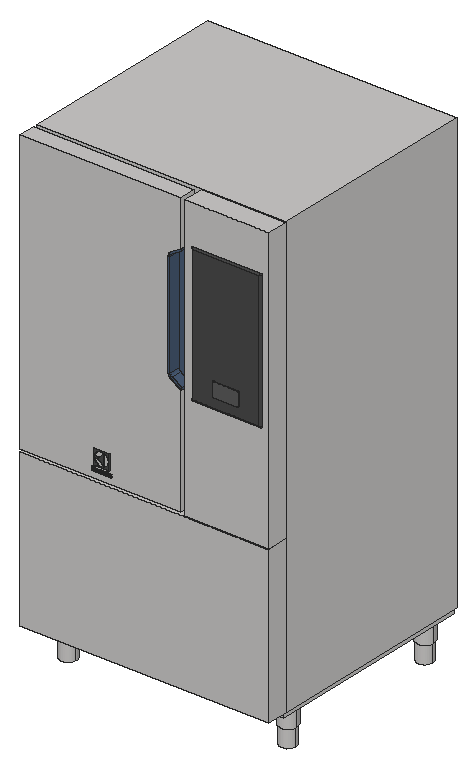
Revit family "QF_ELECTROLUXPROFESSIONAL_727737_EBFA11RE", category Specialty Equipment, Revit 2018 (continued)
Lines and regions (mm)
  Split face 220
    outline origin (-5.81, -295.149, -232.119) x (-1, 0, 0) y (0, 0, -1)
      loop
        line (490.638, -548.639) -> (600.654, -548.639) -> (600.654, -543.665) -> (490.638, -543.665) -> (490.638, -548.639)
  Split face 221
    outline origin (-5.81, -295.149, -222.619) x (-1, 0, 0) y (0, 0, -1)
      loop
        line (490.638, -548.639) -> (600.654, -548.639) -> (600.654, -543.665) -> (490.638, -543.665) -> (490.638, -548.639)
  Split face 222
    outline origin (-5.81, -295.149, -213.119) x (-1, 0, 0) y (0, 0, -1)
      loop
        line (490.638, -548.639) -> (600.654, -548.639) -> (600.654, -543.665) -> (490.638, -543.665) -> (490.638, -548.639)
  Split face 223
    outline origin (-5.81, -295.149, -203.619) x (-1, 0, 0) y (0, 0, -1)
      loop
        line (490.638, -548.639) -> (600.654, -548.639) -> (600.654, -543.665) -> (490.638, -543.665) -> (490.638, -548.639)
  Split face 224
    outline origin (-5.81, -295.149, -194.118) x (-1, 0, 0) y (0, 0, -1)
      loop
        line (490.638, -548.639) -> (600.654, -548.639) -> (600.654, -543.665) -> (490.638, -543.665) -> (490.638, -548.639)
  Split face 225
    outline origin (-5.81, -295.149, -184.618) x (-1, 0, 0) y (0, 0, -1)
      loop
        line (490.638, -548.639) -> (600.654, -548.639) -> (600.654, -543.665) -> (490.638, -543.665) -> (490.638, -548.639)
  Split face 226
    outline origin (-5.81, -295.149, -175.118) x (-1, 0, 0) y (0, 0, -1)
      loop
        line (490.638, -548.639) -> (600.654, -548.639) -> (600.654, -543.665) -> (490.638, -543.665) -> (490.638, -548.639)
  Split face 227
    outline origin (-5.81, -295.149, -165.618) x (-1, 0, 0) y (0, 0, -1)
      loop
        line (490.638, -548.639) -> (600.654, -548.639) -> (600.654, -543.665) -> (490.638, -543.665) -> (490.638, -548.639)
  Split face 228
    outline origin (-5.81, -295.149, -156.118) x (-1, 0, 0) y (0, 0, -1)
      loop
        line (490.638, -548.639) -> (600.654, -548.639) -> (600.654, -543.665) -> (490.638, -543.665) -> (490.638, -548.639)
  Split face 229
    outline origin (-5.81, -295.149, -146.618) x (-1, 0, 0) y (0, 0, -1)
      loop
        line (490.638, -548.639) -> (600.654, -548.639) -> (600.654, -543.665) -> (490.638, -543.665) -> (490.638, -548.639)
  Split face 230
    outline origin (-5.81, -295.149, -137.118) x (-1, 0, 0) y (0, 0, -1)
      loop
        line (490.638, -548.639) -> (600.654, -548.639) -> (600.654, -543.665) -> (490.638, -543.665) -> (490.638, -548.639)
  Split face 231
    outline origin (-5.81, -295.149, -127.618) x (-1, 0, 0) y (0, 0, -1)
      loop
        line (490.638, -548.639) -> (600.654, -548.639) -> (600.654, -543.665) -> (490.638, -543.665) -> (490.638, -548.639)
  Split face 232
    outline origin (-5.81, -295.149, -118.118) x (-1, 0, 0) y (0, 0, -1)
      loop
        line (490.638, -548.639) -> (600.654, -548.639) -> (600.654, -543.665) -> (490.638, -543.665) -> (490.638, -548.639)
  Split face 233
    outline origin (-5.81, -295.149, -108.618) x (-1, 0, 0) y (0, 0, -1)
      loop
        line (490.638, -548.639) -> (600.654, -548.639) -> (600.654, -543.665) -> (490.638, -543.665) -> (490.638, -548.639)
  Split face 234
    outline origin (-5.81, -295.149, -99.118) x (-1, 0, 0) y (0, 0, -1)
      loop
        line (490.638, -548.639) -> (600.654, -548.639) -> (600.654, -543.665) -> (490.638, -543.665) -> (490.638, -548.639)
  Split face 235
    outline origin (-5.81, -295.149, -89.618) x (-1, 0, 0) y (0, 0, -1)
      loop
        line (490.638, -548.639) -> (600.654, -548.639) -> (600.654, -543.665) -> (490.638, -543.665) -> (490.638, -548.639)
  Split face 236
    outline origin (-5.81, -295.149, -80.117) x (-1, 0, 0) y (0, 0, -1)
      loop
        line (490.638, -548.639) -> (600.654, -548.639) -> (600.654, -543.665) -> (490.638, -543.665) -> (490.638, -548.639)
  Split face 237
    outline origin (-5.81, -295.149, -70.617) x (-1, 0, 0) y (0, 0, -1)
      loop
        line (490.638, -548.639) -> (600.654, -548.639) -> (600.654, -543.665) -> (490.638, -543.665) -> (490.638, -548.639)
  Split face 238
    outline origin (-5.81, -295.149, -61.117) x (-1, 0, 0) y (0, 0, -1)
      loop
        line (490.638, -548.639) -> (600.654, -548.639) -> (600.654, -543.665) -> (490.638, -543.665) -> (490.638, -548.639)
  Split face 239
    outline origin (-5.81, -295.149, -51.617) x (-1, 0, 0) y (0, 0, -1)
      loop
        line (490.638, -548.639) -> (600.654, -548.639) -> (600.654, -543.665) -> (490.638, -543.665) -> (490.638, -548.639)
  Split face 240
    outline origin (-5.81, -295.149, -42.117) x (-1, 0, 0) y (0, 0, -1)
      loop
        line (490.638, -548.639) -> (600.654, -548.639) -> (600.654, -543.665) -> (490.638, -543.665) -> (490.638, -548.639)
  Split face 241
    outline origin (-5.81, -295.149, -32.617) x (-1, 0, 0) y (0, 0, -1)
      loop
        line (490.638, -548.639) -> (600.654, -548.639) -> (600.654, -543.665) -> (490.638, -543.665) -> (490.638, -548.639)
  Split face 242
    outline origin (-5.81, -295.149, -23.117) x (-1, 0, 0) y (0, 0, -1)
      loop
        line (490.638, -548.639) -> (600.654, -548.639) -> (600.654, -543.665) -> (490.638, -543.665) -> (490.638, -548.639)
  Split face 243
    outline origin (-5.81, -295.149, -13.617) x (-1, 0, 0) y (0, 0, -1)
      loop
        line (490.638, -548.639) -> (600.654, -548.639) -> (600.654, -543.665) -> (490.638, -543.665) -> (490.638, -548.639)
  Split face 244
    outline origin (-5.81, -295.149, -4.117) x (-1, 0, 0) y (0, 0, -1)
      loop
        line (490.638, -548.639) -> (600.654, -548.639) -> (600.654, -543.665) -> (490.638, -543.665) -> (490.638, -548.639)
  Split face 245
    outline origin (-5.81, -295.149, 5.383) x (-1, 0, 0) y (0, 0, -1)
      loop
        line (490.638, -548.639) -> (600.654, -548.639) -> (600.654, -543.665) -> (490.638, -543.665) -> (490.638, -548.639)
  Split face 246
    outline origin (-5.81, -295.149, 14.883) x (-1, 0, 0) y (0, 0, -1)
      loop
        line (490.638, -548.639) -> (600.654, -548.639) -> (600.654, -543.665) -> (490.638, -543.665) -> (490.638, -548.639)
  Split face 247
    outline origin (-125.802, -295.149, -365.12) x (-1, 0, 0) y (0, 0, -1)
      loop
        line (490.638, -548.639) -> (600.654, -548.639) -> (600.654, -543.665) -> (490.638, -543.665) -> (490.638, -548.639)
  Split face 248
    outline origin (-125.802, -295.149, -355.62) x (-1, 0, 0) y (0, 0, -1)
      loop
        line (490.638, -548.639) -> (600.654, -548.639) -> (600.654, -543.665) -> (490.638, -543.665) -> (490.638, -548.639)
  Split face 249
    outline origin (-125.802, -295.149, -346.12) x (-1, 0, 0) y (0, 0, -1)
      loop
        line (490.638, -548.639) -> (600.654, -548.639) -> (600.654, -543.665) -> (490.638, -543.665) -> (490.638, -548.639)
  Split face 250
    outline origin (-125.802, -295.149, -336.62) x (-1, 0, 0) y (0, 0, -1)
      loop
        line (490.638, -548.639) -> (600.654, -548.639) -> (600.654, -543.665) -> (490.638, -543.665) -> (490.638, -548.639)
  Split face 251
    outline origin (-125.802, -295.149, -327.12) x (-1, 0, 0) y (0, 0, -1)
      loop
        line (490.638, -548.639) -> (600.654, -548.639) -> (600.654, -543.665) -> (490.638, -543.665) -> (490.638, -548.639)
  Split face 252
    outline origin (-125.802, -295.149, -317.619) x (-1, 0, 0) y (0, 0, -1)
      loop
        line (490.638, -548.639) -> (600.654, -548.639) -> (600.654, -543.665) -> (490.638, -543.665) -> (490.638, -548.639)
  Split face 253
    outline origin (-125.802, -295.149, -308.119) x (-1, 0, 0) y (0, 0, -1)
      loop
        line (490.638, -548.639) -> (600.654, -548.639) -> (600.654, -543.665) -> (490.638, -543.665) -> (490.638, -548.639)
  Split face 254
    outline origin (-125.802, -295.149, -298.619) x (-1, 0, 0) y (0, 0, -1)
      loop
        line (490.638, -548.639) -> (600.654, -548.639) -> (600.654, -543.665) -> (490.638, -543.665) -> (490.638, -548.639)
  Split face 255
    outline origin (-125.802, -295.149, -289.119) x (-1, 0, 0) y (0, 0, -1)
      loop
        line (490.638, -548.639) -> (600.654, -548.639) -> (600.654, -543.665) -> (490.638, -543.665) -> (490.638, -548.639)
  Split face 256
    outline origin (-125.802, -295.149, -279.619) x (-1, 0, 0) y (0, 0, -1)
      loop
        line (490.638, -548.639) -> (600.654, -548.639) -> (600.654, -543.665) -> (490.638, -543.665) -> (490.638, -548.639)
  Split face 257
    outline origin (-125.802, -295.149, -270.119) x (-1, 0, 0) y (0, 0, -1)
      loop
        line (490.638, -548.639) -> (600.654, -548.639) -> (600.654, -543.665) -> (490.638, -543.665) -> (490.638, -548.639)
  Split face 258
    outline origin (-125.802, -295.149, -260.619) x (-1, 0, 0) y (0, 0, -1)
      loop
        line (490.638, -548.639) -> (600.654, -548.639) -> (600.654, -543.665) -> (490.638, -543.665) -> (490.638, -548.639)
  Split face 259
    outline origin (-125.802, -295.149, -251.119) x (-1, 0, 0) y (0, 0, -1)
      loop
        line (490.638, -548.639) -> (600.654, -548.639) -> (600.654, -543.665) -> (490.638, -543.665) -> (490.638, -548.639)
  Split face 260
    outline origin (-125.802, -295.149, -241.619) x (-1, 0, 0) y (0, 0, -1)
      loop
        line (490.638, -548.639) -> (600.654, -548.639) -> (600.654, -543.665) -> (490.638, -543.665) -> (490.638, -548.639)
  Split face 261
    outline origin (-125.802, -295.149, -232.119) x (-1, 0, 0) y (0, 0, -1)
      loop
        line (490.638, -548.639) -> (600.654, -548.639) -> (600.654, -543.665) -> (490.638, -543.665) -> (490.638, -548.639)
  Split face 262
    outline origin (-125.802, -295.149, -222.619) x (-1, 0, 0) y (0, 0, -1)
      loop
        line (490.638, -548.639) -> (600.654, -548.639) -> (600.654, -543.665) -> (490.638, -543.665) -> (490.638, -548.639)
  Split face 263
    outline origin (-125.802, -295.149, -213.119) x (-1, 0, 0) y (0, 0, -1)
      loop
        line (490.638, -548.639) -> (600.654, -548.639) -> (600.654, -543.665) -> (490.638, -543.665) -> (490.638, -548.639)
  Split face 264
    outline origin (-125.802, -295.149, -203.619) x (-1, 0, 0) y (0, 0, -1)
      loop
        line (490.638, -548.639) -> (600.654, -548.639) -> (600.654, -543.665) -> (490.638, -543.665) -> (490.638, -548.639)
  Split face 265
    outline origin (-125.802, -295.149, -194.118) x (-1, 0, 0) y (0, 0, -1)
      loop
        line (490.638, -548.639) -> (600.654, -548.639) -> (600.654, -543.665) -> (490.638, -543.665) -> (490.638, -548.639)
  Split face 266
    outline origin (-125.802, -295.149, -184.618) x (-1, 0, 0) y (0, 0, -1)
      loop
        line (490.638, -548.639) -> (600.654, -548.639) -> (600.654, -543.665) -> (490.638, -543.665) -> (490.638, -548.639)
  Split face 267
    outline origin (-125.802, -295.149, -175.118) x (-1, 0, 0) y (0, 0, -1)
      loop
        line (490.638, -548.639) -> (600.654, -548.639) -> (600.654, -543.665) -> (490.638, -543.665) -> (490.638, -548.639)
  Split face 268
    outline origin (-125.802, -295.149, -165.618) x (-1, 0, 0) y (0, 0, -1)
      loop
        line (490.638, -548.639) -> (600.654, -548.639) -> (600.654, -543.665) -> (490.638, -543.665) -> (490.638, -548.639)
  Split face 269
    outline origin (-125.802, -295.149, -156.118) x (-1, 0, 0) y (0, 0, -1)
      loop
        line (490.638, -548.639) -> (600.654, -548.639) -> (600.654, -543.665) -> (490.638, -543.665) -> (490.638, -548.639)
  Split face 270
    outline origin (-125.802, -295.149, -146.618) x (-1, 0, 0) y (0, 0, -1)
      loop
        line (490.638, -548.639) -> (600.654, -548.639) -> (600.654, -543.665) -> (490.638, -543.665) -> (490.638, -548.639)
  Split face 271
    outline origin (-125.802, -295.149, -137.118) x (-1, 0, 0) y (0, 0, -1)
      loop
        line (490.638, -548.639) -> (600.654, -548.639) -> (600.654, -543.665) -> (490.638, -543.665) -> (490.638, -548.639)
  Split face 272
    outline origin (-125.802, -295.149, -127.618) x (-1, 0, 0) y (0, 0, -1)
      loop
        line (490.638, -548.639) -> (600.654, -548.639) -> (600.654, -543.665) -> (490.638, -543.665) -> (490.638, -548.639)
  Split face 273
    outline origin (-125.802, -295.149, -118.118) x (-1, 0, 0) y (0, 0, -1)
      loop
        line (490.638, -548.639) -> (600.654, -548.639) -> (600.654, -543.665) -> (490.638, -543.665) -> (490.638, -548.639)
  Split face 274
    outline origin (-125.802, -295.149, -108.618) x (-1, 0, 0) y (0, 0, -1)
      loop
        line (490.638, -548.639) -> (600.654, -548.639) -> (600.654, -543.665) -> (490.638, -543.665) -> (490.638, -548.639)
  Split face 275
    outline origin (-125.802, -295.149, -99.118) x (-1, 0, 0) y (0, 0, -1)
      loop
        line (490.638, -548.639) -> (600.654, -548.639) -> (600.654, -543.665) -> (490.638, -543.665) -> (490.638, -548.639)
  Split face 276
    outline origin (-125.802, -295.149, -89.618) x (-1, 0, 0) y (0, 0, -1)
      loop
        line (490.638, -548.639) -> (600.654, -548.639) -> (600.654, -543.665) -> (490.638, -543.665) -> (490.638, -548.639)
  Split face 277
    outline origin (-125.802, -295.149, -80.117) x (-1, 0, 0) y (0, 0, -1)
      loop
        line (490.638, -548.639) -> (600.654, -548.639) -> (600.654, -543.665) -> (490.638, -543.665) -> (490.638, -548.639)
  Split face 278
    outline origin (-125.802, -295.149, -70.617) x (-1, 0, 0) y (0, 0, -1)
      loop
        line (490.638, -548.639) -> (600.654, -548.639) -> (600.654, -543.665) -> (490.638, -543.665) -> (490.638, -548.639)
  Split face 279
    outline origin (-125.802, -295.149, -61.117) x (-1, 0, 0) y (0, 0, -1)
      loop
        line (490.638, -548.639) -> (600.654, -548.639) -> (600.654, -543.665) -> (490.638, -543.665) -> (490.638, -548.639)
  Split face 280
    outline origin (-125.802, -295.149, -51.617) x (-1, 0, 0) y (0, 0, -1)
      loop
        line (490.638, -548.639) -> (600.654, -548.639) -> (600.654, -543.665) -> (490.638, -543.665) -> (490.638, -548.639)
  Split face 281
    outline origin (-125.802, -295.149, -42.117) x (-1, 0, 0) y (0, 0, -1)
      loop
        line (490.638, -548.639) -> (600.654, -548.639) -> (600.654, -543.665) -> (490.638, -543.665) -> (490.638, -548.639)
  Split face 282
    outline origin (-125.802, -295.149, -32.617) x (-1, 0, 0) y (0, 0, -1)
      loop
        line (490.638, -548.639) -> (600.654, -548.639) -> (600.654, -543.665) -> (490.638, -543.665) -> (490.638, -548.639)
  Split face 283
    outline origin (-125.802, -295.149, -23.117) x (-1, 0, 0) y (0, 0, -1)
      loop
        line (490.638, -548.639) -> (600.654, -548.639) -> (600.654, -543.665) -> (490.638, -543.665) -> (490.638, -548.639)
  Split face 284
    outline origin (-125.802, -295.149, -13.617) x (-1, 0, 0) y (0, 0, -1)
      loop
        line (490.638, -548.639) -> (600.654, -548.639) -> (600.654, -543.665) -> (490.638, -543.665) -> (490.638, -548.639)
  Split face 285
    outline origin (-125.802, -295.149, -4.117) x (-1, 0, 0) y (0, 0, -1)
      loop
        line (490.638, -548.639) -> (600.654, -548.639) -> (600.654, -543.665) -> (490.638, -543.665) -> (490.638, -548.639)
  Split face 286
    outline origin (-125.802, -295.149, 5.383) x (-1, 0, 0) y (0, 0, -1)
      loop
        line (490.638, -548.639) -> (600.654, -548.639) -> (600.654, -543.665) -> (490.638, -543.665) -> (490.638, -548.639)
  Split face 287
    outline origin (-125.802, -295.149, 14.883) x (-1, 0, 0) y (0, 0, -1)
      loop
        line (490.638, -548.639) -> (600.654, -548.639) -> (600.654, -543.665) -> (490.638, -543.665) -> (490.638, -548.639)
  symbolic lines
    curve 1: line (-759, 547.851, 1731) -> (136, 547.851, 1731)
    curve 2: line (-759, -219.149, 1731) -> (-759, 547.851, 1731)
    curve 3: line (136, -295.149, 1731) -> (-166, -295.149, 1731)
    curve 4: line (136, 547.851, 1731) -> (136, -295.149, 1731)
    curve 5: line (-139.183, 547.851, 1731) -> (-131.09, 639.851, 1731)
    curve 6: line (-131.09, 639.851, 1731) -> (33.141, 639.851, 1731)
    curve 7: line (33.141, 639.851, 1731) -> (41.234, 547.851, 1731)
    curve 8: line (56.5, 576.851, 1731) -> (77.5, 576.851, 1731)
    curve 9: line (77.5, 576.851, 1731) -> (77.5, 547.851, 1731)
    curve 10: line (56.5, 576.851, 1731) -> (56.5, 547.851, 1731)
    curve 11: line (104, -300.149, 1731) -> (-134, -300.149, 1731)
    curve 12: line (-134, -300.149, 1731) -> (-142, -295.149, 1731)
    curve 13: line (104, -300.149, 1731) -> (112, -295.149, 1731)
    curve 18: line (-166, -295.149, 0) -> (-166, -219.149, 0)
    curve 19: line (-166, -219.149, 0) -> (-759, -219.149, 0)
    curve 20: line (-759, -235.149, 0) -> (-180.8, -235.149, 0)
    curve 21: line (-759, -295.149, 0) -> (-759, -235.149, 0)
    curve 22: line (-180.8, -295.149, 0) -> (-759, -295.149, 0)
    curve 23: line (-180.8, -235.149, 0) -> (-180.8, -295.149, 0)
    curve 24: line (-225.54, -296.149, 0) -> (-178.3, -296.149, 0)
    curve 25: line (-178.3, -296.149, 0) -> (-178.3, -256.149, 0)
    curve 26: line (-178.3, -256.149, 0) -> (-180.8, -256.149, 0)
    curve 27: line (-225.54, -296.149, 0) -> (-225.54, -295.149, 0)
  symbolic lines, style "QF_Door-Drawer Clearances", visible <- "Show Clearance"
    curve 14: arc (-180.8, -295.149, 1731) -> (-338.805, -665.108, 1731) -> (-705, -831.649, 1731) r 556
    curve 15: line (-765, -831.649, 1731) -> (-765, -295.149, 1731)
    curve 16: line (-705, -831.649, 1731) -> (-765, -831.649, 1731)
    curve 17: line (-705, -831.649, 1731) -> (-705, -295.149, 1731)
Dimensions and locks
  equal spacing: plane 4 "LEFT", plane 3 "Center Y", plane 6 "RIGHT"
  plane 4 "LEFT" to plane 6 "RIGHT" = 895 mm
  plane 5 "BACK" to plane 7 "FRONT" = 843 mm
  equal spacing: plane 5 "BACK", plane 1 "Center X", plane 7 "FRONT"
  cut or joined group of Extrusion 1, Extrusion 2, Extrusion 3, Extrusion 5, Extrusion 6, Extrusion 7, Extrusion 13 to Extrusion 3 sketch curve = 826 mm
  level to Extrusion 3 sketch curve = 593 mm
  plane 5 "BACK" to Extrusion 6 sketch curve = 398 mm
  plane 4 "LEFT" to Extrusion 6 sketch curve = 400 mm
  Extrusion 3 sketch curve to plane 4 "LEFT" = 826 mm
  plane 6 "RIGHT" to Extrusion 18 sketch curve = 210 mm
  Extrusion 18 sketch curve to level = 223 mm
  plane 6 "RIGHT" to Extrusion 17 sketch curve = 152 mm
  Extrusion 17 sketch curve to level = 217 mm
  aligned and locked: level to plane 2
  aligned and locked: plane 12 to nested 3
  aligned and locked: plane 12 to nested 2
  aligned and locked: plane 10 to nested 1
  aligned and locked: plane 10 to nested 4
  aligned and locked: nested 4 to plane 11
  aligned and locked: nested 3 to plane 11
  aligned and locked: nested 1 to plane 13
  aligned and locked: nested 2 to plane 13
  aligned and locked: Extrusion 12 to Extrusion 11
  aligned and locked: Extrusion 16 to Extrusion 15
Automatic sketch dimensions
  Extrusion 1 sketch curve to plane 5 "BACK" = 0 mm
  Extrusion 1 sketch curve to plane 6 "RIGHT" = 0 mm
  Extrusion 1 sketch curve to plane 4 "LEFT" = 0 mm
  Extrusion 1 sketch curve to plane 13 = 75 mm
  Extrusion 2 sketch curve to plane 5 "BACK" = 0 mm
  Extrusion 2 sketch curve to plane 14 = 0 mm  (x5)
  Extrusion 2 sketch curve to plane 14 = 10 mm
  Extrusion 2 sketch curve to plane 14 = 8 mm
  Extrusion 2 sketch curve to plane 14 = 7.305 mm
  Extrusion 2 sketch curve to plane 14 = 4.997 mm
  plane 14 to Extrusion 2 sketch curve = 8.773 mm  (x4)
  plane 8 to Extrusion 2 sketch curve = 521.023 mm
  Extrusion 2 sketch curve to Extrusion 2 sketch curve = 7.476 mm
  Extrusion 2 sketch curve to Extrusion 2 sketch curve = 25.474 mm
  Extrusion 2 sketch curve to Extrusion 2 sketch curve = 9.313 mm  (x4)
  Extrusion 2 sketch curve to Extrusion 2 sketch curve = 31.38 mm  (x3)
  Extrusion 2 sketch curve to Extrusion 2 sketch curve = 32.916 mm
  Extrusion 2 sketch curve to Extrusion 2 sketch curve = 50.851 mm
  Extrusion 4 sketch curve to plane 6 "RIGHT" = 0 mm
  Extrusion 4 sketch curve to plane 4 "LEFT" = 0 mm
  Extrusion 4 sketch curve to plane 7 "FRONT" = 0 mm
  plane 7 "FRONT" to Extrusion 4 sketch curve = 75 mm
  Extrusion 5 sketch curve to plane 5 "BACK" = 0 mm
  Extrusion 5 sketch curve to plane 6 "RIGHT" = 9 mm
  plane 4 "LEFT" to Extrusion 5 sketch curve = 9 mm
  Extrusion 5 sketch curve to plane 13 = 73 mm
  Split face 1 sketch curve to Extrusion 4 = 32.492 mm
  Split face 1 sketch curve to Extrusion 4 = 28.525 mm
  Split face 1 sketch curve to Split face 1 sketch curve = 110.016 mm
  Split face 1 sketch curve to Split face 1 sketch curve = 4.974 mm
  Extrusion 7 sketch curve to plane 5 "BACK" = 0 mm  (x2)
  Extrusion 7 sketch curve to plane 14 = 0 mm  (x2)
  Extrusion 7 sketch curve to plane 12 = 41.135 mm
  Extrusion 7 sketch curve to Extrusion 7 sketch curve = 1.631 mm  (x2)
  Extrusion 7 sketch curve to Extrusion 7 sketch curve = 9.723 mm
  Extrusion 7 sketch curve to Extrusion 7 sketch curve = 164.232 mm
  Extrusion 7 sketch curve to Extrusion 7 sketch curve = 8.092 mm
  Extrusion 8 sketch curve to plane 4 "LEFT" = 0 mm
  Extrusion 8 sketch curve to plane 9 "TOP" = 0 mm
  plane 3 "Center Y" to Extrusion 8 sketch curve = 85.96 mm
  Extrusion 8 sketch curve to Extrusion 8 sketch curve = 8.487 mm
  Extrusion 8 sketch curve to Extrusion 8 sketch curve = 8.95 mm
  Extrusion 8 sketch curve to Extrusion 8 sketch curve = 10.513 mm
  Extrusion 8 sketch curve to Extrusion 8 sketch curve = 11.05 mm
  Extrusion 8 sketch curve to Extrusion 8 sketch curve = 35.79 mm
  Extrusion 8 sketch curve to Extrusion 8 sketch curve = 36.253 mm
  Extrusion 8 sketch curve to Extrusion 8 sketch curve = 162.03 mm
  Extrusion 8 sketch curve to Extrusion 8 sketch curve = 24.082 mm
  Extrusion 8 sketch curve to Extrusion 8 sketch curve = 374.913 mm
  Extrusion 8 sketch curve to Extrusion 8 sketch curve = 23.723 mm
  plane 8 to Extrusion 8 sketch curve = 589.524 mm
  Extrusion 9 sketch curve to plane 7 "FRONT" = 0 mm
  Extrusion 9 sketch curve to plane 6 "RIGHT" = 0 mm
  plane 3 "Center Y" to Extrusion 9 sketch curve = 145.5 mm
  plane 7 "FRONT" to Extrusion 9 sketch curve = 75 mm
  plane 3 "Center Y" to Extrusion 11 sketch curve = 85.96 mm
  Extrusion 11 sketch curve to Extrusion 11 sketch curve = 8.487 mm
  Extrusion 11 sketch curve to Extrusion 11 sketch curve = 8.95 mm
  Extrusion 11 sketch curve to Extrusion 11 sketch curve = 19 mm
  Extrusion 11 sketch curve to Extrusion 11 sketch curve = 11.05 mm
  Extrusion 11 sketch curve to plane 9 "TOP" = 186.112 mm
  Extrusion 11 sketch curve to Extrusion 11 sketch curve = 374.913 mm
  Extrusion 11 sketch curve to Extrusion 11 sketch curve = 36.253 mm
  Extrusion 11 sketch curve to Extrusion 11 sketch curve = 35.79 mm
  Extrusion 11 sketch curve to Extrusion 11 sketch curve = 0 mm  (x3)
  Extrusion 11 sketch curve to Extrusion 11 sketch curve = 24.082 mm
  Extrusion 11 sketch curve to Extrusion 11 sketch curve = 23.723 mm
  Extrusion 12 sketch curve to Extrusion 12 sketch curve = 0 mm  (x4)
  plane 3 "Center Y" to Extrusion 12 sketch curve = 133.2 mm  (x2)
  Extrusion 12 sketch curve to Extrusion 12 sketch curve = 2.5 mm  (x2)
  Extrusion 12 sketch curve to Extrusion 12 sketch curve = 27.24 mm
  Extrusion 12 sketch curve to Extrusion 12 sketch curve = 28.24 mm
  Extrusion 12 sketch curve to Extrusion 12 sketch curve = 7.459 mm
  Extrusion 12 sketch curve to Extrusion 12 sketch curve = 6.917 mm
  Extrusion 12 sketch curve to Extrusion 12 sketch curve = 3.591 mm
  Extrusion 12 sketch curve to Extrusion 12 sketch curve = 3.597 mm
  Extrusion 12 sketch curve to Extrusion 12 sketch curve = 5.583 mm
  Extrusion 12 sketch curve to Extrusion 12 sketch curve = 6.5 mm
  Extrusion 12 sketch curve to plane 9 "TOP" = 162.03 mm
  Extrusion 12 sketch curve to Extrusion 12 sketch curve = 6.143 mm
  Extrusion 12 sketch curve to Extrusion 12 sketch curve = 17.939 mm
  Extrusion 12 sketch curve to Extrusion 12 sketch curve = 374.913 mm
  Extrusion 12 sketch curve to Extrusion 12 sketch curve = 23 mm
  Extrusion 12 sketch curve to Extrusion 12 sketch curve = 6.141 mm
  plane 10 to Extrusion 13 sketch curve = 9 mm
  plane 3 "Center Y" to Extrusion 13 sketch curve = 80.7 mm
  Extrusion 13 sketch curve to plane 9 "TOP" = 60 mm
  plane 8 to Extrusion 13 sketch curve = 639 mm
  Split face 2 sketch curve to Extrusion 4 = 32.492 mm
  Split face 2 sketch curve to Extrusion 4 = 38.025 mm
  Split face 2 sketch curve to Split face 2 sketch curve = 110.016 mm
  Split face 2 sketch curve to Split face 2 sketch curve = 4.974 mm
  Split face 3 sketch curve to Extrusion 4 = 32.492 mm
  Split face 3 sketch curve to Extrusion 4 = 47.525 mm
  Split face 3 sketch curve to Split face 3 sketch curve = 110.016 mm
  Split face 3 sketch curve to Split face 3 sketch curve = 4.974 mm
  Split face 4 sketch curve to Extrusion 4 = 32.492 mm
  Split face 4 sketch curve to Split face 4 sketch curve = 110.016 mm
  Split face 4 sketch curve to Extrusion 4 = 61.999 mm
  Split face 4 sketch curve to Split face 4 sketch curve = 4.974 mm
  Split face 5 sketch curve to Extrusion 4 = 32.492 mm
  Split face 5 sketch curve to Split face 5 sketch curve = 110.016 mm
  Split face 5 sketch curve to Extrusion 4 = 71.499 mm
  Split face 5 sketch curve to Split face 5 sketch curve = 4.974 mm
  Split face 6 sketch curve to Extrusion 4 = 32.492 mm
  Split face 6 sketch curve to Split face 6 sketch curve = 110.016 mm
  Split face 6 sketch curve to Extrusion 4 = 80.999 mm
  Split face 6 sketch curve to Split face 6 sketch curve = 4.974 mm
  Split face 7 sketch curve to Extrusion 4 = 32.492 mm
  Split face 7 sketch curve to Split face 7 sketch curve = 110.016 mm
  Split face 7 sketch curve to Extrusion 4 = 90.499 mm
  Split face 7 sketch curve to Split face 7 sketch curve = 4.974 mm
  Split face 8 sketch curve to Extrusion 4 = 32.492 mm
  Split face 8 sketch curve to Split face 8 sketch curve = 110.016 mm
  Split face 8 sketch curve to Extrusion 4 = 99.999 mm
  Split face 8 sketch curve to Split face 8 sketch curve = 4.974 mm
  Split face 9 sketch curve to Extrusion 4 = 32.492 mm
  Split face 9 sketch curve to Split face 9 sketch curve = 110.016 mm
  Split face 9 sketch curve to Extrusion 4 = 109.499 mm
  Split face 9 sketch curve to Split face 9 sketch curve = 4.974 mm
  Split face 10 sketch curve to Extrusion 4 = 32.492 mm
  Split face 10 sketch curve to Split face 10 sketch curve = 110.016 mm
  Split face 10 sketch curve to Extrusion 4 = 119 mm
  Split face 10 sketch curve to Split face 10 sketch curve = 4.974 mm
  Split face 11 sketch curve to Extrusion 4 = 32.492 mm
  Split face 11 sketch curve to Split face 11 sketch curve = 110.016 mm
  Split face 11 sketch curve to Extrusion 4 = 128.5 mm
  Split face 11 sketch curve to Split face 11 sketch curve = 4.974 mm
  Split face 12 sketch curve to Extrusion 4 = 32.492 mm
  Split face 12 sketch curve to Split face 12 sketch curve = 110.016 mm
  Split face 12 sketch curve to Extrusion 4 = 138 mm
  Split face 12 sketch curve to Split face 12 sketch curve = 4.974 mm
  Split face 13 sketch curve to Extrusion 4 = 32.492 mm
  Split face 13 sketch curve to Split face 13 sketch curve = 110.016 mm
  Split face 13 sketch curve to Extrusion 4 = 147.5 mm
  Split face 13 sketch curve to Split face 13 sketch curve = 4.974 mm
  Split face 14 sketch curve to Extrusion 4 = 32.492 mm
  Split face 14 sketch curve to Split face 14 sketch curve = 110.016 mm
  Split face 14 sketch curve to Extrusion 4 = 157 mm
  Split face 14 sketch curve to Split face 14 sketch curve = 4.974 mm
  Split face 15 sketch curve to Extrusion 4 = 32.492 mm
  Split face 15 sketch curve to Split face 15 sketch curve = 110.016 mm
  Split face 15 sketch curve to Extrusion 4 = 166.5 mm
  Split face 15 sketch curve to Split face 15 sketch curve = 4.974 mm
  Split face 16 sketch curve to Extrusion 4 = 32.492 mm
  Split face 16 sketch curve to Split face 16 sketch curve = 110.016 mm
  Split face 16 sketch curve to Extrusion 4 = 176 mm
  Split face 16 sketch curve to Split face 16 sketch curve = 4.974 mm
  Split face 17 sketch curve to Extrusion 4 = 32.492 mm
  Split face 17 sketch curve to Split face 17 sketch curve = 110.016 mm
  Split face 17 sketch curve to Extrusion 4 = 185.5 mm
  Split face 17 sketch curve to Split face 17 sketch curve = 4.974 mm
  Split face 18 sketch curve to Extrusion 4 = 32.492 mm
  Split face 18 sketch curve to Split face 18 sketch curve = 110.016 mm
  Split face 18 sketch curve to Extrusion 4 = 195 mm
  Split face 18 sketch curve to Split face 18 sketch curve = 4.974 mm
  Split face 19 sketch curve to Extrusion 4 = 32.492 mm
  Split face 19 sketch curve to Split face 19 sketch curve = 110.016 mm
  Split face 19 sketch curve to Extrusion 4 = 204.5 mm
  Split face 19 sketch curve to Split face 19 sketch curve = 4.974 mm
  Split face 20 sketch curve to Extrusion 4 = 32.492 mm
  Split face 20 sketch curve to Split face 20 sketch curve = 110.016 mm
  Split face 20 sketch curve to Extrusion 4 = 214 mm
  Split face 20 sketch curve to Split face 20 sketch curve = 4.974 mm
  Split face 21 sketch curve to Extrusion 4 = 32.492 mm
  Split face 21 sketch curve to Split face 21 sketch curve = 110.016 mm
  Split face 21 sketch curve to Extrusion 4 = 223.5 mm
  Split face 21 sketch curve to Split face 21 sketch curve = 4.974 mm
  Split face 22 sketch curve to Extrusion 4 = 32.492 mm
  Split face 22 sketch curve to Split face 22 sketch curve = 110.016 mm
  Split face 22 sketch curve to Extrusion 4 = 233.001 mm
  Split face 22 sketch curve to Split face 22 sketch curve = 4.974 mm
  Split face 23 sketch curve to Extrusion 4 = 32.492 mm
  Split face 23 sketch curve to Split face 23 sketch curve = 110.016 mm
  Split face 23 sketch curve to Extrusion 4 = 242.501 mm
  Split face 23 sketch curve to Split face 23 sketch curve = 4.974 mm
  Split face 24 sketch curve to Extrusion 4 = 32.492 mm
  Split face 24 sketch curve to Split face 24 sketch curve = 110.016 mm
  Split face 24 sketch curve to Extrusion 4 = 252.001 mm
  Split face 24 sketch curve to Split face 24 sketch curve = 4.974 mm
  Split face 25 sketch curve to Extrusion 4 = 32.492 mm
  Split face 25 sketch curve to Split face 25 sketch curve = 110.016 mm
  Split face 25 sketch curve to Extrusion 4 = 261.501 mm
  Split face 25 sketch curve to Split face 25 sketch curve = 4.974 mm
  Split face 26 sketch curve to Extrusion 4 = 32.492 mm
  Split face 26 sketch curve to Split face 26 sketch curve = 110.016 mm
  Split face 26 sketch curve to Extrusion 4 = 271.001 mm
  Split face 26 sketch curve to Split face 26 sketch curve = 4.974 mm
  Split face 27 sketch curve to Extrusion 4 = 32.492 mm
  Split face 27 sketch curve to Split face 27 sketch curve = 110.016 mm
  Split face 27 sketch curve to Extrusion 4 = 279.479 mm
  Split face 27 sketch curve to Split face 27 sketch curve = 4.974 mm
  Split face 28 sketch curve to Extrusion 4 = 32.492 mm
  Split face 28 sketch curve to Split face 28 sketch curve = 110.016 mm
  Split face 28 sketch curve to Extrusion 4 = 269.979 mm
  Split face 28 sketch curve to Split face 28 sketch curve = 4.974 mm
  Split face 29 sketch curve to Extrusion 4 = 32.492 mm
  Split face 29 sketch curve to Split face 29 sketch curve = 110.016 mm
  Split face 29 sketch curve to Extrusion 4 = 260.479 mm
  Split face 29 sketch curve to Split face 29 sketch curve = 4.974 mm
  Split face 30 sketch curve to Extrusion 4 = 32.492 mm
  Split face 30 sketch curve to Split face 30 sketch curve = 110.016 mm
  Split face 30 sketch curve to Extrusion 4 = 250.978 mm
  Split face 30 sketch curve to Split face 30 sketch curve = 4.974 mm
  Split face 31 sketch curve to Extrusion 4 = 32.492 mm
  Split face 31 sketch curve to Split face 31 sketch curve = 110.016 mm
  Split face 31 sketch curve to Extrusion 4 = 241.478 mm
  Split face 31 sketch curve to Split face 31 sketch curve = 4.974 mm
  Split face 32 sketch curve to Extrusion 4 = 32.492 mm
  Split face 32 sketch curve to Split face 32 sketch curve = 110.016 mm
  Split face 32 sketch curve to Extrusion 4 = 231.978 mm
  Split face 32 sketch curve to Split face 32 sketch curve = 4.974 mm
  Split face 33 sketch curve to Extrusion 4 = 32.492 mm
  Split face 33 sketch curve to Split face 33 sketch curve = 110.016 mm
  Split face 33 sketch curve to Extrusion 4 = 222.478 mm
  Split face 33 sketch curve to Split face 33 sketch curve = 4.974 mm
  Split face 34 sketch curve to Extrusion 4 = 32.492 mm
  Split face 34 sketch curve to Split face 34 sketch curve = 110.016 mm
  Split face 34 sketch curve to Extrusion 4 = 212.978 mm
  Split face 34 sketch curve to Split face 34 sketch curve = 4.974 mm
  Split face 35 sketch curve to Extrusion 4 = 32.492 mm
  Split face 35 sketch curve to Split face 35 sketch curve = 110.016 mm
  Split face 35 sketch curve to Extrusion 4 = 203.478 mm
  Split face 35 sketch curve to Split face 35 sketch curve = 4.974 mm
  Split face 36 sketch curve to Extrusion 4 = 32.492 mm
  Split face 36 sketch curve to Split face 36 sketch curve = 110.016 mm
  Split face 36 sketch curve to Extrusion 4 = 193.978 mm
  Split face 36 sketch curve to Split face 36 sketch curve = 4.974 mm
  Split face 37 sketch curve to Extrusion 4 = 32.492 mm
  Split face 37 sketch curve to Split face 37 sketch curve = 110.016 mm
  Split face 37 sketch curve to Extrusion 4 = 184.478 mm
  Split face 37 sketch curve to Split face 37 sketch curve = 4.974 mm
  Split face 38 sketch curve to Extrusion 4 = 32.492 mm
  Split face 38 sketch curve to Split face 38 sketch curve = 110.016 mm
  Split face 38 sketch curve to Extrusion 4 = 174.978 mm
  Split face 38 sketch curve to Split face 38 sketch curve = 4.974 mm
  Split face 39 sketch curve to Extrusion 4 = 32.492 mm
  Split face 39 sketch curve to Split face 39 sketch curve = 110.016 mm
  Split face 39 sketch curve to Extrusion 4 = 165.478 mm
  Split face 39 sketch curve to Split face 39 sketch curve = 4.974 mm
  Split face 40 sketch curve to Extrusion 4 = 32.492 mm
  Split face 40 sketch curve to Split face 40 sketch curve = 110.016 mm
  Split face 40 sketch curve to Extrusion 4 = 155.978 mm
  Split face 40 sketch curve to Split face 40 sketch curve = 4.974 mm
  Split face 41 sketch curve to Extrusion 4 = 32.492 mm
  Split face 41 sketch curve to Split face 41 sketch curve = 110.016 mm
  Split face 41 sketch curve to Extrusion 4 = 146.478 mm
  Split face 41 sketch curve to Split face 41 sketch curve = 4.974 mm
  Split face 42 sketch curve to Extrusion 4 = 33.499 mm
  Split face 42 sketch curve to Extrusion 4 = 152.483 mm
  Split face 42 sketch curve to Extrusion 4 = 28.525 mm
  Split face 42 sketch curve to Split face 42 sketch curve = 110.016 mm
  Split face 43 sketch curve to Extrusion 4 = 42.999 mm
  Split face 43 sketch curve to Extrusion 4 = 152.483 mm
  Split face 43 sketch curve to Extrusion 4 = 38.025 mm
  Split face 43 sketch curve to Split face 43 sketch curve = 110.016 mm
  Split face 44 sketch curve to Extrusion 4 = 52.499 mm
  Split face 44 sketch curve to Extrusion 4 = 152.483 mm
  Split face 44 sketch curve to Extrusion 4 = 47.525 mm
  Split face 44 sketch curve to Split face 44 sketch curve = 110.016 mm
  Split face 45 sketch curve to Extrusion 4 = 61.999 mm
  Split face 45 sketch curve to Extrusion 4 = 152.483 mm
  Split face 45 sketch curve to Split face 45 sketch curve = 110.016 mm
  Split face 45 sketch curve to Split face 45 sketch curve = 4.974 mm
  Split face 46 sketch curve to Extrusion 4 = 71.499 mm
  Split face 46 sketch curve to Extrusion 4 = 152.483 mm
  Split face 46 sketch curve to Split face 46 sketch curve = 110.016 mm
  Split face 46 sketch curve to Split face 46 sketch curve = 4.974 mm
  Split face 47 sketch curve to Extrusion 4 = 152.483 mm
  Split face 47 sketch curve to Split face 47 sketch curve = 110.016 mm
  Split face 47 sketch curve to Extrusion 4 = 80.999 mm
  Split face 47 sketch curve to Split face 47 sketch curve = 4.974 mm
  Split face 48 sketch curve to Extrusion 4 = 152.483 mm
  Split face 48 sketch curve to Split face 48 sketch curve = 110.016 mm
  Split face 48 sketch curve to Extrusion 4 = 90.499 mm
  Split face 48 sketch curve to Split face 48 sketch curve = 4.974 mm
  Split face 49 sketch curve to Extrusion 4 = 152.483 mm
  Split face 49 sketch curve to Split face 49 sketch curve = 110.016 mm
  Split face 49 sketch curve to Extrusion 4 = 99.999 mm
  Split face 49 sketch curve to Split face 49 sketch curve = 4.974 mm
  Split face 50 sketch curve to Extrusion 4 = 152.483 mm
  Split face 50 sketch curve to Split face 50 sketch curve = 110.016 mm
  Split face 50 sketch curve to Extrusion 4 = 109.499 mm
  Split face 50 sketch curve to Split face 50 sketch curve = 4.974 mm
  Split face 51 sketch curve to Extrusion 4 = 152.483 mm
  Split face 51 sketch curve to Split face 51 sketch curve = 110.016 mm
  Split face 51 sketch curve to Extrusion 4 = 119 mm
  Split face 51 sketch curve to Split face 51 sketch curve = 4.974 mm
  Split face 52 sketch curve to Extrusion 4 = 152.483 mm
  Split face 52 sketch curve to Split face 52 sketch curve = 110.016 mm
  Split face 52 sketch curve to Extrusion 4 = 128.5 mm
  Split face 52 sketch curve to Split face 52 sketch curve = 4.974 mm
  Split face 53 sketch curve to Extrusion 4 = 152.483 mm
  Split face 53 sketch curve to Split face 53 sketch curve = 110.016 mm
  Split face 53 sketch curve to Extrusion 4 = 138 mm
  Split face 53 sketch curve to Split face 53 sketch curve = 4.974 mm
  Split face 54 sketch curve to Extrusion 4 = 152.483 mm
  Split face 54 sketch curve to Split face 54 sketch curve = 110.016 mm
  Split face 54 sketch curve to Extrusion 4 = 147.5 mm
  Split face 54 sketch curve to Split face 54 sketch curve = 4.974 mm
  Split face 55 sketch curve to Extrusion 4 = 152.483 mm
  Split face 55 sketch curve to Split face 55 sketch curve = 110.016 mm
  Split face 55 sketch curve to Extrusion 4 = 157 mm
  Split face 55 sketch curve to Split face 55 sketch curve = 4.974 mm
  Split face 56 sketch curve to Extrusion 4 = 152.483 mm
  Split face 56 sketch curve to Split face 56 sketch curve = 110.016 mm
  Split face 56 sketch curve to Extrusion 4 = 166.5 mm
  Split face 56 sketch curve to Split face 56 sketch curve = 4.974 mm
  Split face 57 sketch curve to Extrusion 4 = 152.483 mm
  Split face 57 sketch curve to Split face 57 sketch curve = 110.016 mm
  Split face 57 sketch curve to Extrusion 4 = 176 mm
  Split face 57 sketch curve to Split face 57 sketch curve = 4.974 mm
  Split face 58 sketch curve to Extrusion 4 = 152.483 mm
  Split face 58 sketch curve to Split face 58 sketch curve = 110.016 mm
  Split face 58 sketch curve to Extrusion 4 = 185.5 mm
  Split face 58 sketch curve to Split face 58 sketch curve = 4.974 mm
  Split face 59 sketch curve to Extrusion 4 = 152.483 mm
  Split face 59 sketch curve to Split face 59 sketch curve = 110.016 mm
  Split face 59 sketch curve to Extrusion 4 = 195 mm
  Split face 59 sketch curve to Split face 59 sketch curve = 4.974 mm
  Split face 60 sketch curve to Extrusion 4 = 152.483 mm
  Split face 60 sketch curve to Split face 60 sketch curve = 110.016 mm
  Split face 60 sketch curve to Extrusion 4 = 204.5 mm
  Split face 60 sketch curve to Split face 60 sketch curve = 4.974 mm
  Split face 61 sketch curve to Extrusion 4 = 152.483 mm
  Split face 61 sketch curve to Split face 61 sketch curve = 110.016 mm
  Split face 61 sketch curve to Extrusion 4 = 214 mm
  Split face 61 sketch curve to Split face 61 sketch curve = 4.974 mm
  Split face 62 sketch curve to Extrusion 4 = 152.483 mm
  Split face 62 sketch curve to Split face 62 sketch curve = 110.016 mm
  Split face 62 sketch curve to Extrusion 4 = 223.5 mm
  Split face 62 sketch curve to Split face 62 sketch curve = 4.974 mm
  Split face 63 sketch curve to Extrusion 4 = 152.483 mm
  Split face 63 sketch curve to Split face 63 sketch curve = 110.016 mm
  Split face 63 sketch curve to Extrusion 4 = 233.001 mm
  Split face 63 sketch curve to Split face 63 sketch curve = 4.974 mm
  Split face 64 sketch curve to Extrusion 4 = 152.483 mm
  Split face 64 sketch curve to Split face 64 sketch curve = 110.016 mm
  Split face 64 sketch curve to Extrusion 4 = 242.501 mm
  Split face 64 sketch curve to Split face 64 sketch curve = 4.974 mm
  Split face 65 sketch curve to Extrusion 4 = 152.483 mm
  Split face 65 sketch curve to Split face 65 sketch curve = 110.016 mm
  Split face 65 sketch curve to Extrusion 4 = 252.001 mm
  Split face 65 sketch curve to Split face 65 sketch curve = 4.974 mm
  Split face 66 sketch curve to Extrusion 4 = 152.483 mm
  Split face 66 sketch curve to Split face 66 sketch curve = 110.016 mm
  Split face 66 sketch curve to Extrusion 4 = 261.501 mm
  Split face 66 sketch curve to Split face 66 sketch curve = 4.974 mm
  Split face 67 sketch curve to Extrusion 4 = 152.483 mm
  Split face 67 sketch curve to Split face 67 sketch curve = 110.016 mm
  Split face 67 sketch curve to Extrusion 4 = 271.001 mm
  Split face 67 sketch curve to Split face 67 sketch curve = 4.974 mm
  Split face 68 sketch curve to Extrusion 4 = 152.483 mm
  Split face 68 sketch curve to Split face 68 sketch curve = 110.016 mm
  Split face 68 sketch curve to Extrusion 4 = 279.479 mm
  Split face 68 sketch curve to Split face 68 sketch curve = 4.974 mm
  Split face 69 sketch curve to Extrusion 4 = 152.483 mm
  Split face 69 sketch curve to Split face 69 sketch curve = 110.016 mm
  Split face 69 sketch curve to Extrusion 4 = 269.979 mm
  Split face 69 sketch curve to Split face 69 sketch curve = 4.974 mm
  Split face 70 sketch curve to Extrusion 4 = 152.483 mm
  Split face 70 sketch curve to Split face 70 sketch curve = 110.016 mm
  Split face 70 sketch curve to Extrusion 4 = 260.479 mm
  Split face 70 sketch curve to Split face 70 sketch curve = 4.974 mm
  Split face 71 sketch curve to Extrusion 4 = 152.483 mm
  Split face 71 sketch curve to Split face 71 sketch curve = 110.016 mm
  Split face 71 sketch curve to Extrusion 4 = 250.978 mm
  Split face 71 sketch curve to Split face 71 sketch curve = 4.974 mm
  Split face 72 sketch curve to Extrusion 4 = 152.483 mm
  Split face 72 sketch curve to Split face 72 sketch curve = 110.016 mm
  Split face 72 sketch curve to Extrusion 4 = 241.478 mm
  Split face 72 sketch curve to Split face 72 sketch curve = 4.974 mm
  Split face 73 sketch curve to Extrusion 4 = 152.483 mm
  Split face 73 sketch curve to Split face 73 sketch curve = 110.016 mm
  Split face 73 sketch curve to Extrusion 4 = 231.978 mm
  Split face 73 sketch curve to Split face 73 sketch curve = 4.974 mm
  Split face 74 sketch curve to Extrusion 4 = 152.483 mm
  Split face 74 sketch curve to Split face 74 sketch curve = 110.016 mm
  Split face 74 sketch curve to Extrusion 4 = 222.478 mm
  Split face 74 sketch curve to Split face 74 sketch curve = 4.974 mm
  Split face 75 sketch curve to Extrusion 4 = 152.483 mm
  Split face 75 sketch curve to Split face 75 sketch curve = 110.016 mm
  Split face 75 sketch curve to Extrusion 4 = 212.978 mm
  Split face 75 sketch curve to Split face 75 sketch curve = 4.974 mm
  Split face 76 sketch curve to Extrusion 4 = 152.483 mm
  Split face 76 sketch curve to Split face 76 sketch curve = 110.016 mm
  Split face 76 sketch curve to Extrusion 4 = 203.478 mm
  Split face 76 sketch curve to Split face 76 sketch curve = 4.974 mm
  Split face 77 sketch curve to Extrusion 4 = 152.483 mm
  Split face 77 sketch curve to Split face 77 sketch curve = 110.016 mm
  Split face 77 sketch curve to Extrusion 4 = 193.978 mm
  Split face 77 sketch curve to Split face 77 sketch curve = 4.974 mm
  Split face 78 sketch curve to Extrusion 4 = 152.483 mm
  Split face 78 sketch curve to Split face 78 sketch curve = 110.016 mm
  Split face 78 sketch curve to Extrusion 4 = 184.478 mm
  Split face 78 sketch curve to Split face 78 sketch curve = 4.974 mm
  Split face 79 sketch curve to Extrusion 4 = 152.483 mm
  Split face 79 sketch curve to Split face 79 sketch curve = 110.016 mm
  Split face 79 sketch curve to Extrusion 4 = 174.978 mm
  Split face 79 sketch curve to Split face 79 sketch curve = 4.974 mm
  Split face 80 sketch curve to Extrusion 4 = 152.483 mm
  Split face 80 sketch curve to Split face 80 sketch curve = 110.016 mm
  Split face 80 sketch curve to Extrusion 4 = 165.478 mm
  Split face 80 sketch curve to Split face 80 sketch curve = 4.974 mm
  Split face 81 sketch curve to Extrusion 4 = 152.483 mm
  Split face 81 sketch curve to Split face 81 sketch curve = 110.016 mm
  Split face 81 sketch curve to Extrusion 4 = 155.978 mm
  Split face 81 sketch curve to Split face 81 sketch curve = 4.974 mm
  Split face 82 sketch curve to Extrusion 4 = 152.483 mm
  Split face 82 sketch curve to Split face 82 sketch curve = 110.016 mm
  Split face 82 sketch curve to Extrusion 4 = 146.478 mm
  Split face 82 sketch curve to Split face 82 sketch curve = 4.974 mm
  Split face 83 sketch curve to Extrusion 4 = 33.499 mm
  Split face 83 sketch curve to Extrusion 4 = 272.474 mm
  Split face 83 sketch curve to Extrusion 4 = 28.525 mm
  Split face 83 sketch curve to Split face 83 sketch curve = 110.016 mm
  Split face 84 sketch curve to Extrusion 4 = 42.999 mm
  Split face 84 sketch curve to Extrusion 4 = 272.474 mm
  Split face 84 sketch curve to Extrusion 4 = 38.025 mm
  Split face 84 sketch curve to Split face 84 sketch curve = 110.016 mm
  Split face 85 sketch curve to Extrusion 4 = 52.499 mm
  Split face 85 sketch curve to Extrusion 4 = 272.474 mm
  Split face 85 sketch curve to Extrusion 4 = 47.525 mm
  Split face 85 sketch curve to Split face 85 sketch curve = 110.016 mm
  Split face 86 sketch curve to Extrusion 4 = 61.999 mm
  Split face 86 sketch curve to Extrusion 4 = 272.474 mm
  Split face 86 sketch curve to Split face 86 sketch curve = 110.016 mm
  Split face 86 sketch curve to Split face 86 sketch curve = 4.974 mm
  Split face 87 sketch curve to Extrusion 4 = 71.499 mm
  Split face 87 sketch curve to Extrusion 4 = 272.474 mm
  Split face 87 sketch curve to Split face 87 sketch curve = 110.016 mm
  Split face 87 sketch curve to Split face 87 sketch curve = 4.974 mm
  Split face 88 sketch curve to Extrusion 4 = 80.999 mm
  Split face 88 sketch curve to Extrusion 4 = 272.474 mm
  Split face 88 sketch curve to Split face 88 sketch curve = 110.016 mm
  Split face 88 sketch curve to Split face 88 sketch curve = 4.974 mm
  Split face 89 sketch curve to Extrusion 4 = 90.499 mm
  Split face 89 sketch curve to Extrusion 4 = 272.474 mm
  Split face 89 sketch curve to Split face 89 sketch curve = 110.016 mm
  Split face 89 sketch curve to Split face 89 sketch curve = 4.974 mm
  Split face 90 sketch curve to Extrusion 4 = 99.999 mm
  Split face 90 sketch curve to Extrusion 4 = 272.474 mm
  Split face 90 sketch curve to Split face 90 sketch curve = 110.016 mm
  Split face 90 sketch curve to Split face 90 sketch curve = 4.974 mm
  Split face 91 sketch curve to Extrusion 4 = 109.499 mm
  Split face 91 sketch curve to Extrusion 4 = 272.474 mm
  Split face 91 sketch curve to Split face 91 sketch curve = 110.016 mm
  Split face 91 sketch curve to Split face 91 sketch curve = 4.974 mm
  Split face 92 sketch curve to Extrusion 4 = 119 mm
  Split face 92 sketch curve to Extrusion 4 = 272.474 mm
  Split face 92 sketch curve to Split face 92 sketch curve = 110.016 mm
  Split face 92 sketch curve to Split face 92 sketch curve = 4.974 mm
  Split face 93 sketch curve to Extrusion 4 = 128.5 mm
  Split face 93 sketch curve to Extrusion 4 = 272.474 mm
  Split face 93 sketch curve to Split face 93 sketch curve = 110.016 mm
  Split face 93 sketch curve to Split face 93 sketch curve = 4.974 mm
  Split face 94 sketch curve to Extrusion 4 = 272.474 mm
  Split face 94 sketch curve to Split face 94 sketch curve = 110.016 mm
  Split face 94 sketch curve to Extrusion 4 = 138 mm
  Split face 94 sketch curve to Split face 94 sketch curve = 4.974 mm
  Split face 95 sketch curve to Extrusion 4 = 272.474 mm
  Split face 95 sketch curve to Split face 95 sketch curve = 110.016 mm
  Split face 95 sketch curve to Extrusion 4 = 147.5 mm
  Split face 95 sketch curve to Split face 95 sketch curve = 4.974 mm
  Split face 96 sketch curve to Extrusion 4 = 272.474 mm
  Split face 96 sketch curve to Split face 96 sketch curve = 110.016 mm
  Split face 96 sketch curve to Extrusion 4 = 157 mm
  Split face 96 sketch curve to Split face 96 sketch curve = 4.974 mm
  Split face 97 sketch curve to Extrusion 4 = 272.474 mm
  Split face 97 sketch curve to Split face 97 sketch curve = 110.016 mm
  Split face 97 sketch curve to Extrusion 4 = 166.5 mm
  Split face 97 sketch curve to Split face 97 sketch curve = 4.974 mm
  Split face 98 sketch curve to Extrusion 4 = 272.474 mm
  Split face 98 sketch curve to Split face 98 sketch curve = 110.016 mm
  Split face 98 sketch curve to Extrusion 4 = 176 mm
  Split face 98 sketch curve to Split face 98 sketch curve = 4.974 mm
  Split face 99 sketch curve to Extrusion 4 = 272.474 mm
  Split face 99 sketch curve to Split face 99 sketch curve = 110.016 mm
  Split face 99 sketch curve to Extrusion 4 = 185.5 mm
  Split face 99 sketch curve to Split face 99 sketch curve = 4.974 mm
  Split face 100 sketch curve to Extrusion 4 = 272.474 mm
  Split face 100 sketch curve to Split face 100 sketch curve = 110.016 mm
  Split face 100 sketch curve to Extrusion 4 = 195 mm
  Split face 100 sketch curve to Split face 100 sketch curve = 4.974 mm
  Split face 101 sketch curve to Extrusion 4 = 272.474 mm
  Split face 101 sketch curve to Split face 101 sketch curve = 110.016 mm
  Split face 101 sketch curve to Extrusion 4 = 204.5 mm
  Split face 101 sketch curve to Split face 101 sketch curve = 4.974 mm
  Split face 102 sketch curve to Extrusion 4 = 272.474 mm
  Split face 102 sketch curve to Split face 102 sketch curve = 110.016 mm
  Split face 102 sketch curve to Extrusion 4 = 214 mm
  Split face 102 sketch curve to Split face 102 sketch curve = 4.974 mm
  Split face 103 sketch curve to Extrusion 4 = 272.474 mm
  Split face 103 sketch curve to Split face 103 sketch curve = 110.016 mm
  Split face 103 sketch curve to Extrusion 4 = 223.5 mm
  Split face 103 sketch curve to Split face 103 sketch curve = 4.974 mm
  Split face 104 sketch curve to Extrusion 4 = 272.474 mm
  Split face 104 sketch curve to Split face 104 sketch curve = 110.016 mm
  Split face 104 sketch curve to Extrusion 4 = 233.001 mm
  Split face 104 sketch curve to Split face 104 sketch curve = 4.974 mm
  Split face 105 sketch curve to Extrusion 4 = 272.474 mm
  Split face 105 sketch curve to Split face 105 sketch curve = 110.016 mm
  Split face 105 sketch curve to Extrusion 4 = 242.501 mm
  Split face 105 sketch curve to Split face 105 sketch curve = 4.974 mm
  Split face 106 sketch curve to Extrusion 4 = 272.474 mm
  Split face 106 sketch curve to Split face 106 sketch curve = 110.016 mm
  Split face 106 sketch curve to Extrusion 4 = 252.001 mm
  Split face 106 sketch curve to Split face 106 sketch curve = 4.974 mm
  Split face 107 sketch curve to Extrusion 4 = 272.474 mm
  Split face 107 sketch curve to Split face 107 sketch curve = 110.016 mm
  Split face 107 sketch curve to Extrusion 4 = 261.501 mm
  Split face 107 sketch curve to Split face 107 sketch curve = 4.974 mm
  Split face 108 sketch curve to Extrusion 4 = 272.474 mm
  Split face 108 sketch curve to Split face 108 sketch curve = 110.016 mm
  Split face 108 sketch curve to Extrusion 4 = 271.001 mm
  Split face 108 sketch curve to Split face 108 sketch curve = 4.974 mm
  Split face 109 sketch curve to Extrusion 4 = 272.474 mm
  Split face 109 sketch curve to Split face 109 sketch curve = 110.016 mm
  Split face 109 sketch curve to Extrusion 4 = 279.479 mm
  Split face 109 sketch curve to Split face 109 sketch curve = 4.974 mm
  Split face 110 sketch curve to Extrusion 4 = 272.474 mm
  Split face 110 sketch curve to Split face 110 sketch curve = 110.016 mm
  Split face 110 sketch curve to Extrusion 4 = 269.979 mm
  Split face 110 sketch curve to Split face 110 sketch curve = 4.974 mm
  Split face 111 sketch curve to Extrusion 4 = 272.474 mm
  Split face 111 sketch curve to Split face 111 sketch curve = 110.016 mm
  Split face 111 sketch curve to Extrusion 4 = 260.479 mm
  Split face 111 sketch curve to Split face 111 sketch curve = 4.974 mm
  Split face 112 sketch curve to Extrusion 4 = 272.474 mm
  Split face 112 sketch curve to Split face 112 sketch curve = 110.016 mm
  Split face 112 sketch curve to Extrusion 4 = 250.978 mm
  Split face 112 sketch curve to Split face 112 sketch curve = 4.974 mm
  Split face 113 sketch curve to Extrusion 4 = 272.474 mm
  Split face 113 sketch curve to Split face 113 sketch curve = 110.016 mm
  Split face 113 sketch curve to Extrusion 4 = 241.478 mm
  Split face 113 sketch curve to Split face 113 sketch curve = 4.974 mm
  Split face 114 sketch curve to Extrusion 4 = 272.474 mm
  Split face 114 sketch curve to Split face 114 sketch curve = 110.016 mm
  Split face 114 sketch curve to Extrusion 4 = 231.978 mm
  Split face 114 sketch curve to Split face 114 sketch curve = 4.974 mm
  Split face 115 sketch curve to Extrusion 4 = 272.474 mm
  Split face 115 sketch curve to Split face 115 sketch curve = 110.016 mm
  Split face 115 sketch curve to Extrusion 4 = 222.478 mm
  Split face 115 sketch curve to Split face 115 sketch curve = 4.974 mm
  Split face 116 sketch curve to Extrusion 4 = 272.474 mm
  Split face 116 sketch curve to Split face 116 sketch curve = 110.016 mm
  Split face 116 sketch curve to Extrusion 4 = 212.978 mm
  Split face 116 sketch curve to Split face 116 sketch curve = 4.974 mm
  Split face 117 sketch curve to Extrusion 4 = 272.474 mm
  Split face 117 sketch curve to Split face 117 sketch curve = 110.016 mm
  Split face 117 sketch curve to Extrusion 4 = 203.478 mm
  Split face 117 sketch curve to Split face 117 sketch curve = 4.974 mm
  Split face 118 sketch curve to Extrusion 4 = 272.474 mm
  Split face 118 sketch curve to Split face 118 sketch curve = 110.016 mm
  Split face 118 sketch curve to Extrusion 4 = 193.978 mm
  Split face 118 sketch curve to Split face 118 sketch curve = 4.974 mm
  Split face 119 sketch curve to Extrusion 4 = 272.474 mm
  Split face 119 sketch curve to Split face 119 sketch curve = 110.016 mm
  Split face 119 sketch curve to Extrusion 4 = 184.478 mm
  Split face 119 sketch curve to Split face 119 sketch curve = 4.974 mm
  Split face 120 sketch curve to Extrusion 4 = 272.474 mm
  Split face 120 sketch curve to Split face 120 sketch curve = 110.016 mm
  Split face 120 sketch curve to Extrusion 4 = 174.978 mm
  Split face 120 sketch curve to Split face 120 sketch curve = 4.974 mm
  Split face 121 sketch curve to Extrusion 4 = 272.474 mm
  Split face 121 sketch curve to Split face 121 sketch curve = 110.016 mm
  Split face 121 sketch curve to Extrusion 4 = 165.478 mm
  Split face 121 sketch curve to Split face 121 sketch curve = 4.974 mm
  Split face 122 sketch curve to Extrusion 4 = 272.474 mm
  Split face 122 sketch curve to Split face 122 sketch curve = 110.016 mm
  Split face 122 sketch curve to Extrusion 4 = 155.978 mm
  Split face 122 sketch curve to Split face 122 sketch curve = 4.974 mm
  Split face 123 sketch curve to Extrusion 4 = 272.474 mm
  Split face 123 sketch curve to Split face 123 sketch curve = 110.016 mm
  Split face 123 sketch curve to Extrusion 4 = 146.478 mm
  Split face 123 sketch curve to Split face 123 sketch curve = 4.974 mm
  Split face 124 sketch curve to Extrusion 4 = 33.499 mm
  Split face 124 sketch curve to Extrusion 4 = 392.465 mm
  Split face 124 sketch curve to Extrusion 4 = 28.525 mm
  Split face 124 sketch curve to Split face 124 sketch curve = 110.016 mm
  Split face 125 sketch curve to Extrusion 4 = 42.999 mm
  Split face 125 sketch curve to Extrusion 4 = 392.465 mm
  Split face 125 sketch curve to Extrusion 4 = 38.025 mm
  Split face 125 sketch curve to Split face 125 sketch curve = 110.016 mm
  Split face 126 sketch curve to Extrusion 4 = 52.499 mm
  Split face 126 sketch curve to Extrusion 4 = 392.465 mm
  Split face 126 sketch curve to Extrusion 4 = 47.525 mm
  Split face 126 sketch curve to Split face 126 sketch curve = 110.016 mm
  Split face 127 sketch curve to Extrusion 4 = 61.999 mm
  Split face 127 sketch curve to Extrusion 4 = 392.465 mm
  Split face 127 sketch curve to Split face 127 sketch curve = 110.016 mm
  Split face 127 sketch curve to Split face 127 sketch curve = 4.974 mm
  Split face 128 sketch curve to Extrusion 4 = 71.499 mm
  Split face 128 sketch curve to Extrusion 4 = 392.465 mm
  Split face 128 sketch curve to Split face 128 sketch curve = 110.016 mm
  Split face 128 sketch curve to Split face 128 sketch curve = 4.974 mm
  Split face 129 sketch curve to Extrusion 4 = 80.999 mm
  Split face 129 sketch curve to Extrusion 4 = 392.465 mm
  Split face 129 sketch curve to Split face 129 sketch curve = 110.016 mm
  Split face 129 sketch curve to Split face 129 sketch curve = 4.974 mm
  Split face 130 sketch curve to Extrusion 4 = 90.499 mm
  Split face 130 sketch curve to Extrusion 4 = 392.465 mm
  Split face 130 sketch curve to Split face 130 sketch curve = 110.016 mm
  Split face 130 sketch curve to Split face 130 sketch curve = 4.974 mm
  Split face 131 sketch curve to Extrusion 4 = 99.999 mm
  Split face 131 sketch curve to Extrusion 4 = 392.465 mm
  Split face 131 sketch curve to Split face 131 sketch curve = 110.016 mm
  Split face 131 sketch curve to Split face 131 sketch curve = 4.974 mm
  Split face 132 sketch curve to Extrusion 4 = 109.499 mm
  Split face 132 sketch curve to Extrusion 4 = 392.465 mm
  Split face 132 sketch curve to Split face 132 sketch curve = 110.016 mm
  Split face 132 sketch curve to Split face 132 sketch curve = 4.974 mm
  Split face 133 sketch curve to Extrusion 4 = 119 mm
  Split face 133 sketch curve to Extrusion 4 = 392.465 mm
  Split face 133 sketch curve to Split face 133 sketch curve = 110.016 mm
  Split face 133 sketch curve to Split face 133 sketch curve = 4.974 mm
  Split face 134 sketch curve to Extrusion 4 = 128.5 mm
  Split face 134 sketch curve to Extrusion 4 = 392.465 mm
  Split face 134 sketch curve to Split face 134 sketch curve = 110.016 mm
  Split face 134 sketch curve to Split face 134 sketch curve = 4.974 mm
  Split face 135 sketch curve to Extrusion 4 = 138 mm
  Split face 135 sketch curve to Extrusion 4 = 392.465 mm
  Split face 135 sketch curve to Split face 135 sketch curve = 110.016 mm
  Split face 135 sketch curve to Split face 135 sketch curve = 4.974 mm
  Split face 136 sketch curve to Extrusion 4 = 147.5 mm
  Split face 136 sketch curve to Extrusion 4 = 392.465 mm
  Split face 136 sketch curve to Split face 136 sketch curve = 110.016 mm
  Split face 136 sketch curve to Split face 136 sketch curve = 4.974 mm
  Split face 137 sketch curve to Extrusion 4 = 157 mm
  Split face 137 sketch curve to Extrusion 4 = 392.465 mm
  Split face 137 sketch curve to Split face 137 sketch curve = 110.016 mm
  Split face 137 sketch curve to Split face 137 sketch curve = 4.974 mm
  Split face 138 sketch curve to Extrusion 4 = 166.5 mm
  Split face 138 sketch curve to Extrusion 4 = 392.465 mm
  Split face 138 sketch curve to Split face 138 sketch curve = 110.016 mm
  Split face 138 sketch curve to Split face 138 sketch curve = 4.974 mm
  Split face 139 sketch curve to Extrusion 4 = 176 mm
  Split face 139 sketch curve to Extrusion 4 = 392.465 mm
  Split face 139 sketch curve to Split face 139 sketch curve = 110.016 mm
  Split face 139 sketch curve to Split face 139 sketch curve = 4.974 mm
  Split face 140 sketch curve to Extrusion 4 = 185.5 mm
  Split face 140 sketch curve to Extrusion 4 = 392.465 mm
  Split face 140 sketch curve to Split face 140 sketch curve = 110.016 mm
  Split face 140 sketch curve to Split face 140 sketch curve = 4.974 mm
  Split face 141 sketch curve to Extrusion 4 = 195 mm
  Split face 141 sketch curve to Extrusion 4 = 392.465 mm
  Split face 141 sketch curve to Split face 141 sketch curve = 110.016 mm
  Split face 141 sketch curve to Split face 141 sketch curve = 4.974 mm
  Split face 142 sketch curve to Extrusion 4 = 392.465 mm
  Split face 142 sketch curve to Split face 142 sketch curve = 110.016 mm
  Split face 142 sketch curve to Extrusion 4 = 204.5 mm
  Split face 142 sketch curve to Split face 142 sketch curve = 4.974 mm
  Split face 143 sketch curve to Extrusion 4 = 392.465 mm
  Split face 143 sketch curve to Split face 143 sketch curve = 110.016 mm
  Split face 143 sketch curve to Extrusion 4 = 214 mm
